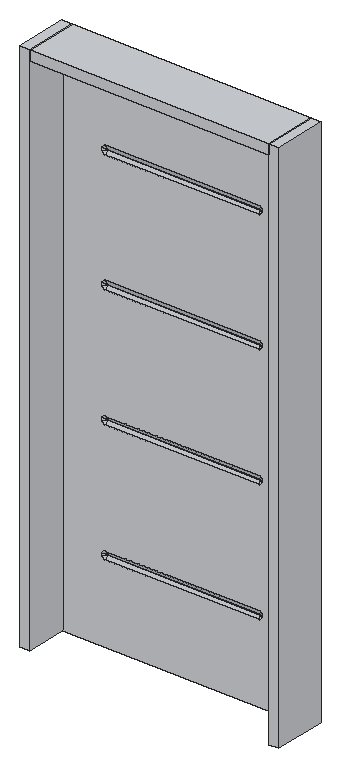
Revit family "Steel-Entrance-Doors_Vog-PS-6ft8in_Novatech", category Doors, host Wall, Revit 2026
Family settings
  Host = Wall
  Classification Number = 23.30.10.00
  Always vertical = Yes
  Cut with Voids When Loaded = No
  Shared = No
  Room Calculation Point = No
Parameters (values of type "3' 0" x 6' 8"")
  URL = "https://www.groupenovatech.com/"
  Thickness = 1.7300"
  Frame Thickness = 1.4850"
  Door Width = 35.7500"
  Door Height = 79.0000"
  Top Distance = 11.7500"
  Symbolic Pattern = Door Width  # 35.7500"
  Specification = "https://www.arcat.com/company/novatech-group-51586/spec"
  Product Page URL = "https://www.arcat.com/arcatcos/cos51/arc51586.html"
  Model = "Vog"
  Manufacturer = "Novatech"
  Keynote = "08 13 00"
  Embossment Length = 24.0157"
  Embossment Height = 1.21875"
  Function = Interior
  Height = 79.0000"
  Wall Closure = By host
  Width = 35.7500"
  Define Thermal Properties by = Schematic Type
  Copyright = "ARCAT"
  CAD Details = "https://www.arcat.com/company/novatech-group-51586/cad"
  C - Distance = 5.9100"
  Bottom Distance = 11.7500"
  B - Distance = 5.8100"
  Analytic Construction = "<None>"
Types (2): name | Door Width | Symbolic Pattern | Width | C - Distance | B - Distance
  2' 10" x 6' 8" | 33.7500" | 33.7500" | 33.7500" | 4.9100" | 4.8100"
  3' 0" x 6' 8" | 35.7500" | 35.7500" | 35.7500" | 5.9100" | 5.8100"
Reference planes (in)
  plane 1: y = 0
  plane 2 "Center (Left/Right)": x = 0
  plane 3 "Left": x = -17.875
  plane 4 "Right": x = 17.875
  plane 5: z = 79
  plane 6 "Exterior": y = 3.93701
  plane 7 "Interior": y = -3.93701
  plane 8: x = 12.065
  plane 9: x = -11.9507
  plane 10: z = 0
  plane 11: y = 2.20701
  plane 12: z = 79
  plane 13: z = 0
  plane 14: y = 39.68701
  plane 15: z = 11.75
  plane 16: z = 12.96875
  plane 17: z = 29.84375
  plane 18: z = 47.9375
  plane 19: z = 49.15625
  plane 20: z = 66.03125
  plane 21: z = 67.25
  plane 22: z = 31.0625
  plane 23: x = -11.3257
  plane 24: x = 11.44
  plane 25: x = 11.44
  plane 26: x = -11.3257
  plane 27: x = 11.44
  plane 28: x = -11.3257
  plane 29: x = 11.44
  plane 30: x = -11.3257
  plane 31: x = -11.3257
  plane 32: x = 11.44
  plane 33: x = -11.3257
  plane 34: x = 11.44
  plane 35: x = -11.3257
  plane 36: x = 11.44
  plane 37: z = 33.03012
  plane 38: z = 30.40337
  plane 39: z = 12.40512
  plane 40: z = 12.30962
  plane 41: z = 66.68637
  plane 42: z = 66.59087
  plane 43: z = 66.68637
  plane 44: z = 66.59087
  plane 45: z = 48.59262
  plane 46: z = 48.49712
  plane 47: z = 30.49887
  plane 48: z = 30.40337
  plane 49: z = 12.40512
  plane 50: z = 12.30962
  plane 51: x = 11.44
  plane 52: x = -11.3257
  plane 53: z = 48.59262
  plane 54: z = 48.49712
  plane 55: x = 19.36
  plane 56: x = -19.36
  plane 57: z = 80.485
Forms (in)
  Extrusion 1, solid
    sketch origin (0, 0, 0) x (1, 0, 0) y (0, 1, 0)
      loop
        line (-17.875, 3.93701) -> (-17.875, 2.20701) -> (17.875, 2.20701) -> (17.875, 3.93701) -> (-17.875, 3.93701)
    from 0 to 79
  Blend 2, void
    base sketch origin (17.875, 2.20701, -17.92549) x (1, 0, 0) y (0, 0, -1)
      loop
        line (-29.2007, -66.50412) -> (-29.16694, -66.51811) -> (-6.46876, -66.51811) -> (-6.435, -66.50412) -> (-6.435, -66.4366) -> (-6.46876, -66.42261) -> (-29.16694, -66.42261) -> (-29.2007, -66.4366) -> (-29.2007, -66.50412)
    top sketch origin (17.875, 2.20701, -17.92549) x (-1, 0, 0) y (0, 0, -1)
      loop
        line (29.4198, -65.86299) -> (6.2159, -65.86299) -> (5.81, -66.26488) -> (5.81, -66.67584) -> (6.2159, -67.08174) -> (29.4198, -67.08174) -> (29.8257, -66.67584) -> (29.8257, -66.26488) -> (29.4198, -65.86299)
    from 0.20024 to 0
  Blend 3, void
    base sketch origin (-17.875, 3.93701, -0.52725) x (-1, 0, 0) y (0, 0, -1)
      loop
        line (-29.28124, -67.21362) -> (-6.58306, -67.21362) -> (-6.5493, -67.19963) -> (-6.5493, -67.13211) -> (-6.58306, -67.11812) -> (-29.28124, -67.11812) -> (-29.315, -67.13211) -> (-29.315, -67.19963) -> (-29.28124, -67.21362)
    top sketch origin (-17.875, 3.93701, -0.52725) x (-1, 0, 0) y (0, 0, -1)
      loop
        line (-6.3302, -67.77725) -> (-5.9243, -67.37135) -> (-5.9243, -66.96039) -> (-6.3302, -66.5585) -> (-29.5341, -66.5585) -> (-29.94, -66.9644) -> (-29.94, -67.37135) -> (-29.5341, -67.77725) -> (-6.3302, -67.77725)
    from 0.19922 to 0
  Blend 4, void
    base sketch origin (-17.875, 3.93701, -36.27725) x (-1, 0, 0) y (0, 0, -1)
      loop
        line (-29.28124, -66.77612) -> (-6.58306, -66.77612) -> (-6.5493, -66.76213) -> (-6.5493, -66.69461) -> (-6.58306, -66.68062) -> (-29.28124, -66.68062) -> (-29.315, -66.69461) -> (-29.315, -66.76213) -> (-29.28124, -66.77612)
    top sketch origin (-17.875, 3.93701, -36.27725) x (-1, 0, 0) y (0, 0, -1)
      loop
        line (-6.3302, -67.33975) -> (-5.9243, -66.93385) -> (-5.9243, -66.52289) -> (-6.3302, -66.121) -> (-29.5341, -66.121) -> (-29.94, -66.5269) -> (-29.94, -66.93385) -> (-29.5341, -67.33975) -> (-6.3302, -67.33975)
    from 0.19922 to 0
  Blend 5, void
    base sketch origin (-17.875, 3.93701, -54.371) x (-1, 0, 0) y (0, 0, -1)
      loop
        line (-29.28124, -66.77612) -> (-6.58306, -66.77612) -> (-6.5493, -66.76213) -> (-6.5493, -66.69461) -> (-6.58306, -66.68062) -> (-29.28124, -66.68062) -> (-29.315, -66.69461) -> (-29.315, -66.76213) -> (-29.28124, -66.77612)
    top sketch origin (-17.875, 3.93701, -54.371) x (-1, 0, 0) y (0, 0, -1)
      loop
        line (-6.3302, -67.33975) -> (-5.9243, -66.93385) -> (-5.9243, -66.52289) -> (-6.3302, -66.121) -> (-29.5341, -66.121) -> (-29.94, -66.5269) -> (-29.94, -66.93385) -> (-29.5341, -67.33975) -> (-6.3302, -67.33975)
    from 0.19922 to 0
  Blend 6, void
    base sketch origin (17.875, 2.20701, 0.16826) x (1, 0, 0) y (0, 0, -1)
      loop
        line (-29.2007, -66.50412) -> (-29.16694, -66.51811) -> (-6.46876, -66.51811) -> (-6.435, -66.50412) -> (-6.435, -66.4366) -> (-6.46876, -66.42261) -> (-29.16694, -66.42261) -> (-29.2007, -66.4366) -> (-29.2007, -66.50412)
    top sketch origin (17.875, 2.20701, 0.16826) x (-1, 0, 0) y (0, 0, -1)
      loop
        line (29.4198, -65.86299) -> (6.2159, -65.86299) -> (5.81, -66.26488) -> (5.81, -66.67584) -> (6.2159, -67.08174) -> (29.4198, -67.08174) -> (29.8257, -66.67584) -> (29.8257, -66.26488) -> (29.4198, -65.86299)
    from 0.20024 to 0
  Blend 7, void
    base sketch origin (17.875, 2.20701, -35.58174) x (1, 0, 0) y (0, 0, -1)
      loop
        line (-29.2007, -66.06662) -> (-29.16694, -66.08061) -> (-6.46876, -66.08061) -> (-6.435, -66.06662) -> (-6.435, -65.9991) -> (-6.46876, -65.98511) -> (-29.16694, -65.98511) -> (-29.2007, -65.9991) -> (-29.2007, -66.06662)
    top sketch origin (17.875, 2.20701, -35.58174) x (-1, 0, 0) y (0, 0, -1)
      loop
        line (29.4198, -65.42549) -> (6.2159, -65.42549) -> (5.81, -65.82738) -> (5.81, -66.23834) -> (6.2159, -66.64424) -> (29.4198, -66.64424) -> (29.8257, -66.23834) -> (29.8257, -65.82738) -> (29.4198, -65.42549)
    from 0.20024 to 0
  Blend 8, void
    base sketch origin (17.875, 2.20701, -53.67549) x (1, 0, 0) y (0, 0, -1)
      loop
        line (-29.2007, -66.06662) -> (-29.16694, -66.08061) -> (-6.46876, -66.08061) -> (-6.435, -66.06662) -> (-6.435, -65.9991) -> (-6.46876, -65.98511) -> (-29.16694, -65.98511) -> (-29.2007, -65.9991) -> (-29.2007, -66.06662)
    top sketch origin (17.875, 2.20701, -53.67549) x (-1, 0, 0) y (0, 0, -1)
      loop
        line (29.4198, -65.42549) -> (6.2159, -65.42549) -> (5.81, -65.82738) -> (5.81, -66.23834) -> (6.2159, -66.64424) -> (29.4198, -66.64424) -> (29.8257, -66.23834) -> (29.8257, -65.82738) -> (29.4198, -65.42549)
    from 0.20024 to 0
  Blend 9, void
    base sketch origin (-17.875, 3.93701, -18.621) x (-1, 0, 0) y (0, 0, -1)
      loop
        line (-29.28124, -67.21362) -> (-6.58306, -67.21362) -> (-6.5493, -67.19963) -> (-6.5493, -67.13211) -> (-6.58306, -67.11812) -> (-29.28124, -67.11812) -> (-29.315, -67.13211) -> (-29.315, -67.19963) -> (-29.28124, -67.21362)
    top sketch origin (-17.875, 3.93701, -18.621) x (-1, 0, 0) y (0, 0, -1)
      loop
        line (-6.3302, -67.77725) -> (-5.9243, -67.37135) -> (-5.9243, -66.96039) -> (-6.3302, -66.5585) -> (-29.5341, -66.5585) -> (-29.94, -66.9644) -> (-29.94, -67.37135) -> (-29.5341, -67.77725) -> (-6.3302, -67.77725)
    from 0.19922 to 0
  Extrusion 10, solid
    sketch origin (0, 0, 0) x (1, 0, 0) y (0, 1, 0)
      loop
        line (-19.36, -3.93701) -> (-17.875, -3.93701) -> (-17.875, 3.93701) -> (-19.36, 3.93701) -> (-19.36, -3.93701)
    from 0 to 80.485
  Extrusion 11, solid
    sketch origin (0, 0, 0) x (1, 0, 0) y (0, 1, 0)
      loop
        line (17.875, 3.93701) -> (17.875, -3.93701) -> (19.36, -3.93701) -> (19.36, 3.93701) -> (17.875, 3.93701)
    from 0 to 80.485
  Extrusion 12, solid
    sketch origin (0, 0, 0) x (0, 1, 0) y (0, 0, 1)
      loop
        line (3.93701, 79) -> (3.93701, 80.485) -> (-3.93701, 80.485) -> (-3.93701, 79) -> (3.93701, 79)
    from -17.875 to 17.875
Cuts and joins
  Blend 2, Blend 3, Blend 4, Blend 5, Blend 6, Blend 7, Blend 8, Blend 9 cuts Extrusion 1
Lines and regions (in)
  Opening 1
    outline origin (-120.07874, -3.93701, 0) x (1, 0, 0) y (0, 0, 1)
      loop
        line (100.71874, 0) -> (139.43874, 0) -> (139.43874, 80.485) -> (100.71874, 80.485) -> (100.71874, 0)
  symbolic lines, style "DoorsPanelProjection"
    curve 1: line (-17.875, 3.93701, 0) -> (-16.14453, 3.93701, 0)
    curve 2: line (-17.875, 39.68701, 0) -> (-17.875, 3.93701, 0)
    curve 3: line (-16.14453, 39.68701, 0) -> (-17.875, 39.68701, 0)
    curve 4: line (-16.14453, 3.93701, 0) -> (-16.14453, 39.68701, 0)
    curve 5: arc (-17.875, 39.68701, 0) -> (7.40407, 29.21608, 0) -> (17.875, 3.93701, 0) r 35.75
  symbolic lines, style "Elevation Swing"
    curve 6: line (-17.875, -3.93701, 39.96875) -> (17.875, -3.93701, 79)
    curve 7: line (-17.875, -3.93701, 39.96875) -> (17.875, -3.93701, 0)
Text (in)
  text "Exterior" at (-81.64806, 43.28909, 0), in view "Ref. Level"
  text "Exterior" at (0, 63.59764, 145.59372), in view "Left"
  text "Exterior" at (0, 40.78868, 152.55637), in view "Right"
  text "Interior" at (-81.64806, -21.30488, 0), in view "Ref. Level"
  text "EXTERIOR SIDE" at (102.69524, 0, 196.51061), in view "Exterior"
  text "Steel Entrance Door - 6' 8\" VOG PS" at (102.38531, 0, 184.92102), in view "Exterior"
  text "INTERIOR SIDE" at (-93.3231, 0, 188.48009), in view "Interior"
  text "Steel Entrance Door - 6' 8\" VOG PS" at (-93.01317, 0, 176.8905), in view "Interior"
Dimensions and locks (in)
  equal spacing: plane 3 "Left", plane 2 "Center (Left/Right)", plane 4 "Right"
  plane 3 "Left" to plane 4 "Right" = 35.7500"  (x2)
  host wall to plane 5 = 79.0000"  (x2)
  locked: plane 6 "Exterior" to host wall
  locked: plane 7 "Interior" to host wall
  "Door Width": plane 3 "Left" to plane 4 "Right"
  "Door Height": level to plane 12
  "Thickness": plane 6 "Exterior" to plane 11
  curve 2 to curve 4 = 1.73047"
  "Symbolic Pattern": plane 6 "Exterior" to plane 14
  locked: plane 24 to plane 8 at 0.625
  locked: plane 9 to plane 23 at 0.625
  locked: plane 8 to plane 25 at 0.625
  locked: plane 26 to plane 9 at 0.625
  "Top Distance": plane 21 to plane 12
  "Embossment Height": plane 20 to plane 21
  plane 19 to plane 20 = 16.8750"
  "Embossment Height": plane 18 to plane 19
  plane 22 to plane 18 = 16.8750"
  "Embossment Height": plane 17 to plane 22
  plane 16 to plane 17 = 16.8750"
  "Embossment Height": plane 15 to plane 16
  "Bottom Distance": level to plane 15
  locked: plane 8 to plane 27 at 0.625
  locked: plane 28 to plane 9 at 0.625
  locked: plane 8 to plane 29 at 0.625
  locked: plane 30 to plane 9 at 0.625
  locked: plane 9 to plane 31 at 0.625
  locked: plane 32 to plane 8 at 0.625
  locked: plane 9 to plane 33 at 0.625
  locked: plane 34 to plane 8 at 0.625
  locked: plane 9 to plane 35 at 0.625
  locked: plane 36 to plane 8 at 0.625
  plane 17 to plane 16 = 16.8750"
  plane 18 to plane 22 = 16.8750"
  plane 20 to plane 19 = 16.8750"
  "Embossment Length": plane 9 to plane 8
  plane 3 "Left" to plane 2 "Center (Left/Right)" to plane 4 "Right" = 17.8750", 17.8750"  (x2)
  plane 9 to plane 8 = 24.0157"
  locked: Blend 4 sketch curve to plane 22 at 0.56363
  locked: plane 17 to plane 38 at 0.55962
  locked: plane 39 to plane 16 at 0.56363
  locked: plane 15 to plane 40 at 0.55962
  locked: plane 41 to plane 21 at 0.56363
  locked: plane 20 to plane 42 at 0.55962
  plane 9 to plane 2 "Center (Left/Right)" to plane 8 = 11.9507", 12.0650"
  locked: plane 21 to plane 43 at 0.56363
  locked: plane 44 to plane 20 at 0.55962
  locked: plane 19 to plane 45 at 0.56363
  locked: plane 46 to plane 18 at 0.55962
  locked: plane 22 to plane 47 at 0.56363
  locked: plane 48 to plane 17 at 0.55962
  locked: plane 16 to plane 49 at 0.56363
  locked: plane 50 to plane 15 at 0.55962
  locked: plane 8 to plane 51 at 0.625
  locked: plane 52 to plane 9 at 0.625
  locked: plane 53 to plane 19 at 0.56363
  locked: plane 18 to plane 54 at 0.55962
  plane 8 to plane 2 "Center (Left/Right)" to plane 9 = 12.0650", 11.9507"
  "Frame Thickness": plane 4 "Right" to plane 55
  "Frame Thickness": plane 56 to plane 3 "Left"
  "Frame Thickness": plane 5 to plane 57
  "B - Distance": plane 8 to plane 4 "Right"
  plane 3 "Left" to plane 9 = 5.9243"
  aligned and locked: Opening 1 sketch curve to level
  aligned and locked: plane 1 to host wall
  aligned and locked: plane 12 to cut or joined group of Extrusion 1, Blend 2, Blend 3, Blend 4, Blend 5, Blend 6, Blend 7, Blend 8, Blend 9
  aligned and locked: plane 6 "Exterior" to Extrusion 1 sketch curve
  aligned and locked: plane 11 to Extrusion 1 sketch curve
  aligned and locked: plane 23 to Blend 2 sketch curve
  aligned and locked: plane 24 to Blend 2 sketch curve
  aligned and locked: Blend 2 sketch curve to plane 8
  aligned and locked: plane 9 to Blend 2 sketch curve
  aligned and locked: Blend 2 sketch curve to plane 19
  aligned and locked: Blend 2 sketch curve to plane 18
  aligned and locked: Blend 3 sketch curve to plane 25
  aligned and locked: plane 26 to Blend 3 sketch curve
  aligned and locked: plane 13 to cut or joined group of Extrusion 1, Blend 2, Blend 3, Blend 4, Blend 5, Blend 6, Blend 7, Blend 8, Blend 9
  aligned and locked: cut or joined group of Extrusion 1, Blend 2, Blend 3, Blend 4, Blend 5, Blend 6, Blend 7, Blend 8, Blend 9 to plane 13
  aligned and locked: plane 21 to Blend 3 sketch curve
  aligned and locked: plane 8 to Blend 3 sketch curve
  aligned and locked: Blend 3 sketch curve to plane 20
  aligned and locked: plane 9 to Blend 3 sketch curve
  aligned and locked: Blend 4 sketch curve to plane 27
  aligned and locked: plane 28 to Blend 4 sketch curve
  aligned and locked: plane 22 to Blend 4 sketch curve
  aligned and locked: Blend 4 sketch curve to plane 17
  aligned and locked: plane 8 to Blend 4 sketch curve
  aligned and locked: plane 9 to Blend 4 sketch curve
  aligned and locked: Blend 5 sketch curve to plane 29
  aligned and locked: plane 30 to Blend 5 sketch curve
  aligned and locked: plane 16 to Blend 5 sketch curve
  aligned and locked: plane 8 to Blend 5 sketch curve
  aligned and locked: Blend 5 sketch curve to plane 15
  aligned and locked: plane 9 to Blend 5 sketch curve
  aligned and locked: plane 31 to Blend 6 sketch curve
  aligned and locked: plane 32 to Blend 6 sketch curve
  aligned and locked: Blend 6 sketch curve to plane 21
  aligned and locked: Blend 6 sketch curve to plane 20
  aligned and locked: plane 9 to Blend 6 sketch curve
  aligned and locked: Blend 6 sketch curve to plane 8
  aligned and locked: plane 33 to Blend 7 sketch curve
  aligned and locked: plane 34 to Blend 7 sketch curve
  aligned and locked: Blend 7 sketch curve to plane 22
  aligned and locked: plane 9 to Blend 7 sketch curve
  aligned and locked: Blend 7 sketch curve to plane 17
  aligned and locked: Blend 7 sketch curve to plane 8
  aligned and locked: plane 35 to Blend 8 sketch curve
  aligned and locked: plane 36 to Blend 8 sketch curve
  aligned and locked: plane 9 to Blend 8 sketch curve
  aligned and locked: Blend 8 sketch curve to plane 16
  aligned and locked: Blend 8 sketch curve to plane 15
  aligned and locked: Blend 8 sketch curve to plane 8
  aligned and locked: plane 38 to Blend 4 sketch curve
  aligned and locked: Blend 5 sketch curve to plane 40
  aligned and locked: plane 39 to Blend 5 sketch curve
  aligned and locked: Blend 3 sketch curve to plane 41
  aligned and locked: plane 42 to Blend 3 sketch curve
  aligned and locked: Blend 6 sketch curve to plane 43
  aligned and locked: Blend 6 sketch curve to plane 44
  aligned and locked: Blend 2 sketch curve to plane 45
  aligned and locked: Blend 2 sketch curve to plane 46
  aligned and locked: Blend 7 sketch curve to plane 47
  aligned and locked: Blend 7 sketch curve to plane 48
  aligned and locked: Blend 8 sketch curve to plane 49
  aligned and locked: Blend 8 sketch curve to plane 50
  aligned and locked: Blend 9 sketch curve to plane 51
  aligned and locked: plane 52 to Blend 9 sketch curve
  aligned and locked: Blend 9 sketch curve to plane 53
  aligned and locked: plane 54 to Blend 9 sketch curve
  aligned and locked: plane 9 to Blend 9 sketch curve
  aligned and locked: plane 8 to Blend 9 sketch curve
  aligned and locked: Opening 1 sketch curve to plane 57
  aligned and locked: Opening 1 sketch curve to plane 56
  aligned and locked: plane 55 to Opening 1 sketch curve
  aligned and locked: cut or joined group of Extrusion 1, Blend 2, Blend 3, Blend 4, Blend 5, Blend 6, Blend 7, Blend 8, Blend 9 to plane 5
  aligned and locked: Extrusion 1 to plane 4 "Right"
  aligned and locked: plane 3 "Left" to Extrusion 1
  aligned and locked: Extrusion 10 sketch curve to plane 56
  aligned and locked: Extrusion 10 sketch curve to plane 3 "Left"
  aligned and locked: plane 7 "Interior" to Extrusion 10 sketch curve
  aligned and locked: Extrusion 10 sketch curve to plane 6 "Exterior"
  aligned and locked: Extrusion 10 to plane 57
  aligned and locked: plane 55 to Extrusion 11 sketch curve
  aligned and locked: Extrusion 11 sketch curve to plane 4 "Right"
  aligned and locked: plane 6 "Exterior" to Extrusion 11 sketch curve
  aligned and locked: Extrusion 11 sketch curve to plane 7 "Interior"
  aligned and locked: Extrusion 11 to plane 57
  aligned and locked: Extrusion 12 sketch curve to plane 57
  aligned and locked: Extrusion 12 sketch curve to plane 12
  aligned and locked: Extrusion 12 sketch curve to plane 6 "Exterior"
  aligned and locked: plane 7 "Interior" to Extrusion 12 sketch curve
  aligned and locked: plane 3 "Left" to Extrusion 12
  aligned and locked: Extrusion 12 to plane 4 "Right"
Automatic sketch dimensions
  plane 3 "Left" to Extrusion 1 sketch curve = 0.0000"
  Extrusion 1 sketch curve to plane 4 "Right" = 0.0000"
  curve 1 to host wall = 0.0000"
  curve 1 to plane 3 "Left" = 0.0000"
  Blend 2 sketch curve to Blend 2 sketch curve = 0.03376"  (x4)
  Blend 2 sketch curve to Blend 2 sketch curve = 0.01399"  (x4)
  Blend 2 sketch curve to Blend 2 sketch curve = 0.4059"  (x6)
  Blend 2 sketch curve to Blend 2 sketch curve = 0.41095"  (x2)
  Blend 3 sketch curve to Blend 3 sketch curve = 0.03376"  (x4)
  Blend 3 sketch curve to Blend 3 sketch curve = 0.01399"  (x4)
  Blend 3 sketch curve to Blend 3 sketch curve = 0.4059"  (x6)
  Blend 3 sketch curve to Blend 3 sketch curve = 0.40695"
  Blend 3 sketch curve to Blend 3 sketch curve = 0.41095"
  Blend 4 sketch curve to Blend 4 sketch curve = 0.03376"  (x4)
  Blend 4 sketch curve to Blend 4 sketch curve = 0.01399"  (x4)
  Blend 4 sketch curve to Blend 4 sketch curve = 0.4059"  (x6)
  Blend 4 sketch curve to Blend 4 sketch curve = 0.40695"
  Blend 4 sketch curve to Blend 4 sketch curve = 0.41095"
  Blend 5 sketch curve to Blend 5 sketch curve = 0.03376"  (x4)
  Blend 5 sketch curve to Blend 5 sketch curve = 0.01399"  (x4)
  Blend 5 sketch curve to Blend 5 sketch curve = 0.4059"  (x6)
  Blend 5 sketch curve to Blend 5 sketch curve = 0.40695"
  Blend 5 sketch curve to Blend 5 sketch curve = 0.41095"
  Blend 6 sketch curve to Blend 6 sketch curve = 0.03376"  (x4)
  Blend 6 sketch curve to Blend 6 sketch curve = 0.01399"  (x4)
  Blend 6 sketch curve to Blend 6 sketch curve = 0.4059"  (x6)
  Blend 6 sketch curve to Blend 6 sketch curve = 0.41095"  (x2)
  Blend 7 sketch curve to Blend 7 sketch curve = 0.03376"  (x4)
  Blend 7 sketch curve to Blend 7 sketch curve = 0.01399"  (x3)
  Blend 7 sketch curve to Blend 7 sketch curve = 0.06753"  (x2)
  Blend 7 sketch curve to Blend 7 sketch curve = 0.4059"  (x6)
  Blend 7 sketch curve to Blend 7 sketch curve = 0.41095"  (x2)
  Blend 8 sketch curve to Blend 8 sketch curve = 0.03376"  (x4)
  Blend 8 sketch curve to Blend 8 sketch curve = 0.01399"  (x4)
  Blend 8 sketch curve to Blend 8 sketch curve = 0.4059"  (x6)
  Blend 8 sketch curve to Blend 8 sketch curve = 0.41095"  (x2)
  curve 7 to level = 0.0000"
  plane 4 "Right" to curve 7 = 0.0000"
  plane 4 "Right" to curve 6 = 0.0000"
  curve 6 to plane 5 = 0.0000"
  curve 7 to plane 18 = 7.96875"
  Blend 9 sketch curve to Blend 9 sketch curve = 0.03376"  (x4)
  Blend 9 sketch curve to Blend 9 sketch curve = 0.01399"  (x4)
  Blend 9 sketch curve to Blend 9 sketch curve = 0.4059"  (x6)
  Blend 9 sketch curve to Blend 9 sketch curve = 0.0000"
  Blend 9 sketch curve to Extrusion 1 = 29.84375"
  Blend 9 sketch curve to Blend 9 sketch curve = 0.40695"
  Blend 9 sketch curve to Blend 9 sketch curve = 0.41095"
  plane 3 "Left" to curve 7 = 0.0000"
  curve 5 to plane 4 "Right" = 0.0000"
  curve 5 to host wall = 0.0000"
